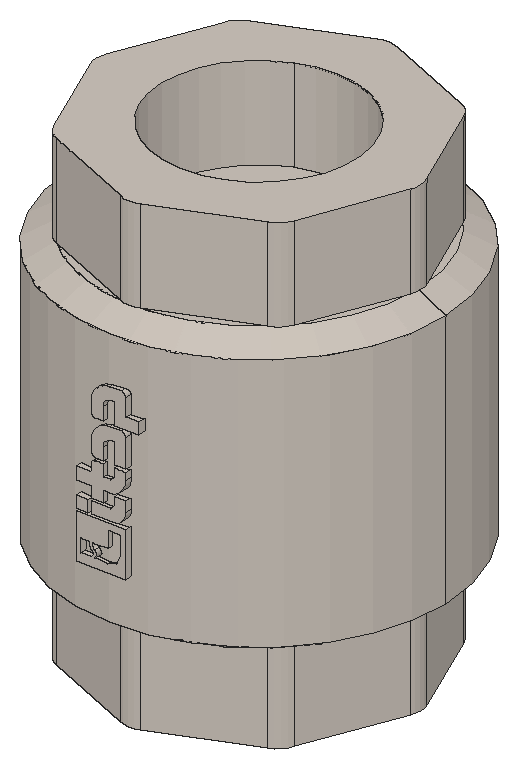
Revit family "103", category Pipe Accessories, Revit 2019
Family settings
  Round Connector Dimension = Use Diameter
  Part Type = Valve - Breaks Into
  OmniClass Number = 23.45.00.00
  OmniClass Title = Sanitary, Laundry, and Cleaning Equipment
  Work Plane-Based = No
  Always vertical = Yes
  Cut with Voids When Loaded = No
  Shared = No
Parameters
  Z2 [instance] = size_lookup(CSV, "Z2", 0 mm, DN)  # 21.5 mm
  Z [instance] = size_lookup(CSV, "Z", 0 mm, DN)  # 20.6 mm
  Washer = "NBR"
  URL = "https://www.itap.it/en/products/valves/check-and-foot-valves/103/"
  Spring = "Stainless Steeel AISI 302"
  Plate = "Polymer"
  Pin = "Polymer"
  Manufacturer = "ITAP S.p.A."  # constant formula
  Model = "103"
  L4 [instance] = size_lookup(CSV, "L4", 0 mm, DN)  # 16.8 mm
  L3 [instance] = size_lookup(CSV, "L3", 0 mm, DN)  # 16.3 mm
  L2 [instance] = size_lookup(CSV, "L2", 0 mm, DN)  # 49 mm
  L [instance] = size_lookup(CSV, "L", 0 mm, DN)  # 12 mm
  End adapter = "Brass CW617N"
  Description = "YORK CHECK VALVE"  # constant formula
  DN [instance] = 25 mm
  D [instance] = size_lookup(CSV, "D", 0 mm, DN)  # 39 mm
  Code [instance] = size_lookup(CSV, "", "-", DN)  # "1030100"
  CSV = "ITAP"
  Body = ""
  BOLT2 [instance] = not(BOLT1)  # yes
  BOLT1 [instance] = if(DN < 21 mm, 1 < 2, 2 < 1)  # no
  B3 [instance] = (B / 2) - 1 mm  # 23 mm
  B1 [instance] = size_lookup(CSV, "B1", 0 mm, DN)  # 2.5 mm
  B [instance] = size_lookup(CSV, "B", 0 mm, DN)  # 48 mm
  A [instance] = size_lookup(CSV, "A", 0 mm, DN)  # 60.5 mm
Reference planes
  plane 1 "Centro (Fronte/Retro)": y = 0
  plane 2: z = 0
  plane 3 "Centro (Sinistra/Destra)": x = 0
  plane 4: z = 18.25
  plane 5: z = 30.25
  plane 6: z = -30.25
  plane 7: x = -24
  plane 8: x = 24
  plane 9: z = -18.25
  plane 10: x = -19.5
  plane 11: x = 19.5
  plane 12: z = -2.736
  plane 13: z = 21.764
  plane 14: z = -27.236
  plane 15: x = 0
  plane 16: x = 2.5
  plane 17: x = 21.5
  plane 18: z = 16.3
  plane 19: z = -16.8
  plane 20: x = 20.6
  plane 21: y = -23
Forms (mm)
  Revolve 1, solid, material "Body material_golden", detail levels fine
    sketch origin (-1.229, 0, 0.773) x (1, 0, 0) y (0, 0, 1)
      loop
        line (1.229, -19.023) -> (22.729, -19.023) -> (25.229, -17.573) -> (25.229, 15.527) -> (21.829, 17.477) -> (1.229, 17.477) -> (1.229, -19.023)
      axis (1.229, 17.477) -> (1.229, -19.023)
    angle from 0 to 360
  Revolve 2, solid, detail levels fine
    sketch origin (0, 0, -0.977) x (1, 0, 0) y (0, 0, 1)
      loop
        line (0, -26.259) -> (1.509, -26.259) -> (2.5, -28.768) -> (2.5, 18.825) -> (1.585, 22.741) -> (0, 22.741) -> (0, -26.259)
      axis (0, 22.741) -> (0, -28.768)
    angle from 0 to 360
Lines and regions (mm)
  model lines, detail levels coarse+medium
    curve 1: line (-24, 0, 18.25) -> (24, 0, 18.25)
    curve 2: line (24, 0, 18.25) -> (-24, 0, -18.25)
    curve 3: line (-24, 0, -18.25) -> (24, 0, -18.25)
    curve 4: line (0, 0, -18.25) -> (0, 0, -30.25)
    curve 5: line (0, 0, 18.25) -> (0, 0, 30.25)
Dimensions and locks
  equal spacing: plane 8, plane 3 "Centro (Sinistra/Destra)", plane 7
  "B": plane 8 to plane 7
  equal spacing: plane 5, level, plane 6
  "A": plane 5 to plane 6
  "L": plane 5 to plane 4
  "D": plane 10 to plane 11
  equal spacing: plane 10, plane 3 "Centro (Sinistra/Destra)", plane 11
  equal spacing: plane 13, plane 12, plane 14
  "L2": plane 13 to plane 14
  "B1": plane 16 to plane 15
  "L3": plane 18 to plane 2
  "L4": plane 2 to plane 19
  "Z2": plane 17 to plane 3 "Centro (Sinistra/Destra)"
  "Z": plane 20 to plane 3 "Centro (Sinistra/Destra)"
  "L": plane 9 to plane 6
  "B3": plane 21 to plane 1 "Centro (Fronte/Retro)"
  aligned and locked: level to plane 2
  aligned and locked: plane 14 to Revolve 2 sketch curve  (x2)
  aligned and locked: Revolve 2 sketch curve to plane 15
  aligned and locked: Revolve 2 sketch curve to plane 13
  aligned and locked: plane 4 to curve 1
  aligned and locked: plane 9 to curve 3
  aligned and locked: plane 16 to Revolve 2 sketch curve
  aligned and locked: Revolve 2 sketch curve to plane 16
  aligned and locked: plane 3 "Centro (Sinistra/Destra)" to nested 1
  aligned and locked: nested 1 to plane 1 "Centro (Fronte/Retro)"
  aligned and locked: plane 3 "Centro (Sinistra/Destra)" to nested 2
  aligned and locked: plane 4 to nested 1
  aligned and locked: plane 9 to nested 2
  aligned and locked: plane 8 to Revolve 1 sketch curve
  aligned and locked: plane 9 to Revolve 1 sketch curve
  aligned and locked: plane 1 "Centro (Fronte/Retro)" to curve 1
  aligned and locked: plane 3 "Centro (Sinistra/Destra)" to nested 4
  aligned and locked: plane 4 to nested 4
  aligned and locked: nested 3 to plane 6
  aligned and locked: plane 17 to Revolve 1 sketch curve
  aligned and locked: plane 18 to Revolve 1 sketch curve
  aligned and locked: plane 19 to Revolve 1 sketch curve
  aligned and locked: Revolve 1 sketch curve to plane 3 "Centro (Sinistra/Destra)"
  aligned and locked: Revolve 1 sketch curve to plane 4
  aligned and locked: plane 20 to Revolve 1 sketch curve
  aligned and locked: plane 21 to nested 5
Automatic sketch dimensions
  curve 3 to plane 7 = 0 mm
  curve 1 to plane 7 = 0 mm
  curve 4 to plane 3 "Centro (Sinistra/Destra)" = 0 mm
  curve 5 to plane 3 "Centro (Sinistra/Destra)" = 0 mm
  curve 1 to plane 8 = 0 mm
  curve 3 to plane 8 = 0 mm
  curve 4 to plane 6 = 0 mm
  curve 5 to plane 5 = 0 mm
  Revolve 1 sketch curve to plane 3 "Centro (Sinistra/Destra)" = 0 mm
  Revolve 1 sketch curve to plane 5 = 3.746 mm
  Revolve 1 sketch curve to plane 5 = 1.768 mm
  Revolve 2 sketch curve to plane 3 "Centro (Sinistra/Destra)" = 0 mm
  plane 16 to Revolve 2 sketch curve = 0.991 mm
  plane 16 to Revolve 2 sketch curve = 0.915 mm
  plane 6 to Revolve 2 sketch curve = 0.506 mm
  plane 4 to Revolve 2 sketch curve = 0.401 mm
  plane 12 to Revolve 2 sketch curve = 1.005 mm
  level to Revolve 2 sketch curve = 2.344 mm
Nested families
  nested 1: "BOLT" at (-123.094, -81.71, 18.25), G <- "DN", d <- "D", H <- "L", visible <- "BOLT1", type "BOLT", detail levels fine
    with d 39 mm, body Body material_golden, H 12 mm, G 25 mm
  nested 2: "BOLT" at (-123.094, -81.71, -30.25), G <- "DN", d <- "D", H <- "L", visible <- "BOLT1", type "BOLT", detail levels fine
    with d 39 mm, body Body material_golden, H 12 mm, G 25 mm
  nested 3: "BOLT 3" at (-10.336, -24.953, -29.224) x (0.9239, -0.3827, 0) z (0, 0, 1), F <- "L", CH <- "D", E <- "DN", visible <- "BOLT2", type "BOLT 3", detail levels fine
    with W 2.652 mm, F 12 mm, E 25 mm, CH 39 mm, Body Body material_golden
  nested 4: "BOLT 3" at (10.336, -24.953, 19.276) x (0.9239, 0.3827, 0) z (0, 0, 1), F <- "L", CH <- "D", E <- "DN", visible <- "BOLT2", type "BOLT 3", detail levels fine
    with W 2.652 mm, F 12 mm, E 25 mm, CH 39 mm, Body Body material_golden
  nested 5: "Symbol" at (0.531, -21.5, 0), type "Symbol", detail levels fine
    with Body Body material_golden
Connectors
  piping at (0, 0, -30.25), diameter 25, driven by "DN"
    settings: on nested 2, index 1, connector inside diameter 609.6 mm, connector length 0 mm, flow factor 0, pipe flow 0.0 L/s, pressure drop 0.0 Pa, fitting loss kfactor 0, connector angle 0.00°, fixture units 0, engagement length 0 mm, angle of deflection 0.00°, flow configuration 0, flow direction 0, fitting loss method 0, system type 28, joint type 0, gender type 0, connector reference index -1, connector utility 0, adjustable connector no, is connector primary yes, connector description ""
  piping at (0, 0, 30.25), diameter 25, driven by "DN"
    settings: on nested 1, index 2, connector inside diameter 609.6 mm, connector length 0 mm, flow factor 0, pipe flow 0.0 L/s, pressure drop 0.0 Pa, fitting loss kfactor 0, connector angle 0.00°, fixture units 0, engagement length 0 mm, angle of deflection 0.00°, flow configuration 0, flow direction 0, fitting loss method 0, system type 28, joint type 0, gender type 0, connector reference index -1, connector utility 0, adjustable connector no, is connector primary no, connector description ""
Definition of nested family "BOLT"
  Parameters (values of type "BOLT")
    body [instance] = none
    H [instance] = 40 mm
    d [instance] = 40 mm
    G [instance] = 25.645 mm
  Reference planes
    plane 1 "Center (Front/Back)": y = 0
    plane 2: z = 0
    plane 3 "Center (Left/Right)": x = 0
    plane 4: z = 40
    plane 5: through (114.434, 96.71, 1200) normal (0.866, 0.5, 0)
    plane 6: through (110.104, 74.21, 1200) normal (-0.5, 0.866, 0)
    plane 7: through (101.443, 84.21, 1200) normal (-0.866, 0.5, 0)
    plane 8: through (123.094, 81.71, 1200) normal (-0.866, 0.5, 0)
    plane 9: through (127.8, 49.861, 1200) normal (-0.866, 0.5, 0)
    plane 10: through (101.443, 79.21, 1200) normal (-0.866, -0.5, 0)
    plane 11: through (121.77, 124.004, 1200) normal (0.866, 0.5, 0)
    plane 12: y = 61.71
    plane 13: y = 81.71
    plane 14: y = 101.71
    plane 15: through (102.717, 113.004, 1200) normal (0.866, 0.5, 0)
    plane 16: through (106.181, 115.004, 1200) normal (0.866, 0.5, 0)
    plane 17: through (108.747, 60.861, 1200) normal (-0.866, 0.5, 0)
    plane 18: through (112.211, 58.861, 1200) normal (-0.866, 0.5, 0)
    plane 19: y = 79.71
    plane 20: y = 83.71
    plane 21: x = 123.094
    plane 22: y = 81.71
  Forms (mm)
    Extrusion 1, solid, material <- "body"
      sketch origin (57.346, -50.6, 0) x (0.866025, 0.5, 0) y (-0.5, 0.866025, 0)
        loop
          line (143.094, 72.472) -> (143.094, 90.948)
          arc (143.094, 90.948) -> (142.558, 92.948) -> (141.094, 94.412) r 4
          line (141.094, 94.412) -> (125.094, 103.649)
          arc (125.094, 103.649) -> (123.094, 104.185) -> (121.094, 103.649) r 4
          line (121.094, 103.649) -> (105.094, 94.412)
          arc (105.094, 94.412) -> (103.63, 92.948) -> (103.094, 90.948) r 4
          line (103.094, 90.948) -> (103.094, 72.472)
          arc (103.094, 72.472) -> (103.63, 70.472) -> (105.094, 69.008) r 4
          line (105.094, 69.008) -> (121.094, 59.771)
          arc (121.094, 59.771) -> (123.094, 59.235) -> (125.094, 59.771) r 4
          line (125.094, 59.771) -> (141.094, 69.008)
          arc (141.094, 69.008) -> (142.558, 70.472) -> (143.094, 72.472) r 4
        loop
          circle (123.094, 81.71) r 12.822
      from 0 to 40
  Dimensions and locks
    "H": plane 4 to level
    equal spacing: plane 10, plane 5, plane 11
    equal spacing: plane 7, plane 8, plane 9
    equal spacing: plane 14, plane 13, plane 12
    "d": plane 10 to plane 11
    "d": plane 7 to plane 9
    "d": plane 14 to plane 12
    equal spacing: plane 15, plane 5, plane 16
    locked: plane 15 to plane 16 at 4
    equal spacing: plane 20, plane 13, plane 19
    locked: plane 20 to plane 19 at 4
    equal spacing: plane 17, plane 8, plane 18
    locked: plane 17 to plane 18 at 4
    "G": diameter of Extrusion 1 sketch curve
    aligned and locked: level to plane 2
    aligned and locked: Extrusion 1 to level
    aligned and locked: Extrusion 1 to plane 4
    aligned and locked: plane 7 to Extrusion 1 sketch curve
    aligned and locked: plane 14 to Extrusion 1 sketch curve
    aligned and locked: plane 11 to Extrusion 1 sketch curve
    aligned and locked: Extrusion 1 sketch curve to plane 9
    aligned and locked: Extrusion 1 sketch curve to plane 12
    aligned and locked: plane 10 to Extrusion 1 sketch curve
  Automatic sketch dimensions
    Extrusion 1 sketch curve to plane 20 = 0 mm  (x2)
    Extrusion 1 sketch curve to plane 18 = 0 mm  (x2)
    Extrusion 1 sketch curve to plane 15 = 0 mm  (x2)
    Extrusion 1 sketch curve to plane 5 = 0 mm
    Extrusion 1 sketch curve to plane 16 = 0 mm  (x2)
    Extrusion 1 sketch curve to plane 19 = 0 mm  (x2)
    Extrusion 1 sketch curve to plane 17 = 0 mm  (x2)
    Extrusion 1 sketch curve to plane 6 = 0 mm
    Extrusion 1 sketch curve to Extrusion 1 sketch curve = 3.464 mm  (x2)
Definition of nested family "BOLT 3"
  Parameters (values of type "BOLT 3")
    W [instance] = CH / 14.7059  # 1.7 mm
    E [instance] = 15 mm
    CH [instance] = 25 mm
    F [instance] = 15 mm
    Body [instance] = none
  Reference planes
    plane 1 "Center (Front/Back)": y = 0
    plane 2: z = 0
    plane 3 "Center (Left/Right)": x = 0
    plane 4: x = -12.5
    plane 5: x = 12.5
    plane 6: y = 14.509
    plane 7: y = 39.509
    plane 8: through (0, 27.009, -1198.263) normal (-0.7071, -0.7071, 0)
    plane 9: through (-23.839, 33.17, -1198.263) normal (-0.7071, -0.7071, 0)
    plane 10: through (-6.161, 50.848, -1198.263) normal (-0.7071, -0.7071, 0)
    plane 11: through (-15, 12.009, -1198.263) normal (0.7071, -0.7071, 0)
    plane 12: through (-23.839, 20.848, -1198.263) normal (0.7071, -0.7071, 0)
    plane 13: through (-6.161, 3.17, -1198.263) normal (0.7071, -0.7071, 0)
    plane 14: y = 27.009
    plane 15: x = 0
    plane 16: through (0, 27.009, 1551.009) normal (-0.9239, -0.3827, 0)
    plane 17: through (13.285, -2.844, 1551.009) normal (-0.9239, -0.3827, 0)
    plane 18: through (11.715, -3.494, 1551.009) normal (-0.9239, -0.3827, 0)
    plane 19: through (0, 27.009, 1551.009) normal (-0.3827, -0.9239, 0)
    plane 20: through (17.278, 20.772, 1551.009) normal (-0.3827, -0.9239, 0)
    plane 21: through (16.627, 19.202, 1551.009) normal (-0.3827, -0.9239, 0)
    plane 22: through (0, 27.009, 1551.009) normal (0.3827, -0.9239, 0)
    plane 23: through (18.58, 35.625, 1551.009) normal (0.3827, -0.9239, 0)
    plane 24: through (19.231, 34.054, 1551.009) normal (0.3827, -0.9239, 0)
    plane 25: through (0, 27.009, 1551.009) normal (0.9239, -0.3827, 0)
    plane 26: through (6.472, 44.855, 1551.009) normal (0.9239, -0.3827, 0)
    plane 27: through (8.043, 44.204, 1551.009) normal (0.9239, -0.3827, 0)
    plane 28: through (0, -1524, 0) normal (-0.7071, 0, 0.7071)
    plane 29: through (-8.839, -1524, 8.839) normal (0.7071, 0, 0.7071)
    plane 30: z = 0
  Forms (mm)
    Extrusion 1, solid, material <- "Body"
      sketch origin (0, 27.009, 1.737) x (0, -1, 0) y (1, 0, 0)
        loop
          line (5.828, -11.849) -> (11.849, -5.828)
          arc (11.849, -5.828) -> (12.331, -5.108) -> (12.5, -4.258) r 2.221
          line (12.5, -4.258) -> (12.5, 4.258)
          arc (12.5, 4.258) -> (12.331, 5.108) -> (11.849, 5.828) r 2.221
          line (11.849, 5.828) -> (5.828, 11.849)
          arc (5.828, 11.849) -> (5.108, 12.331) -> (4.258, 12.5) r 2.221
          line (4.258, 12.5) -> (-4.258, 12.5)
          arc (-4.258, 12.5) -> (-5.108, 12.331) -> (-5.828, 11.849) r 2.221
          line (-5.828, 11.849) -> (-11.849, 5.828)
          arc (-11.849, 5.828) -> (-12.331, 5.108) -> (-12.5, 4.258) r 2.221
          line (-12.5, 4.258) -> (-12.5, -4.258)
          arc (-12.5, -4.258) -> (-12.331, -5.108) -> (-11.849, -5.828) r 2.221
          line (-11.849, -5.828) -> (-5.828, -11.849)
          arc (-5.828, -11.849) -> (-5.108, -12.331) -> (-4.258, -12.5) r 2.221
          line (-4.258, -12.5) -> (4.258, -12.5)
          arc (4.258, -12.5) -> (5.108, -12.331) -> (5.828, -11.849) r 2.221
        loop
          circle (0, 0) r 7.5
      from 9.237 to -5.763
  Dimensions and locks
    equal spacing: plane 9, plane 8, plane 10
    equal spacing: plane 13, plane 11, plane 12
    equal spacing: plane 6, plane 14, plane 7
    equal spacing: plane 5, plane 15, plane 4
    "CH": plane 5 to plane 4
    "CH": plane 9 to plane 10
    "CH": plane 13 to plane 12
    "CH": plane 6 to plane 7
    "F": Extrusion 1 to Extrusion 1
    equal spacing: plane 18, plane 16, plane 17
    "W": plane 18 to plane 17
    equal spacing: plane 23, plane 22, plane 24
    "W": plane 23 to plane 24
    equal spacing: plane 21, plane 19, plane 20
    "W": plane 21 to plane 20
    equal spacing: plane 27, plane 25, plane 26
    "W": plane 27 to plane 26
    "E": diameter of Extrusion 1 sketch curve
    aligned and locked: level to plane 2
    aligned and locked: Extrusion 1 sketch curve to plane 6
    aligned and locked: Extrusion 1 sketch curve to plane 4
    aligned and locked: Extrusion 1 sketch curve to plane 12
    aligned and locked: plane 9 to Extrusion 1 sketch curve
    aligned and locked: plane 13 to Extrusion 1 sketch curve
    aligned and locked: plane 5 to Extrusion 1 sketch curve
    aligned and locked: Extrusion 1 sketch curve to plane 10
    aligned and locked: plane 7 to Extrusion 1 sketch curve
    aligned and locked: plane 14 to Extrusion 1 sketch curve
    aligned and locked: plane 15 to Extrusion 1 sketch curve
    aligned and locked: plane 21 to Extrusion 1 sketch curve  (x2)
    aligned and locked: plane 23 to Extrusion 1 sketch curve  (x2)
    aligned and locked: plane 24 to Extrusion 1 sketch curve  (x2)
    aligned and locked: plane 26 to Extrusion 1 sketch curve  (x2)
    aligned and locked: plane 27 to Extrusion 1 sketch curve  (x2)
    aligned and locked: plane 18 to Extrusion 1 sketch curve  (x2)
    aligned and locked: plane 17 to Extrusion 1 sketch curve  (x2)
    aligned and locked: plane 20 to Extrusion 1 sketch curve
    aligned and locked: plane 2 to plane 30
  Automatic sketch dimensions
    plane 20 to Extrusion 1 sketch curve = 0 mm
Definition of nested family "Symbol"
  Parameters (values of type "Symbol")
    Body [instance] = none
  Reference planes
    plane 1 "Center (Front/Back)": y = 0
    plane 2: z = 0
    plane 3 "Center (Left/Right)": x = 0
    plane 4: y = 0
    plane 5: x = 0
    plane 6: y = -1.5
  Forms (mm)
    Extrusion 1, solid, material <- "Body"
      sketch origin (0, 1.083, 0.436) x (1, 0, 0) y (0, 0, 1)
        loop
          line (-4.322, -5.235) -> (-2.849, -5.235) -> (-2.849, -3.746) -> (-4.322, -3.746) -> (-4.322, -5.235)
        loop
          line (-2.395, -5.235) -> (0.326, -5.235)
          arc (0.326, -5.235) -> (1.511, -4.744) -> (2.002, -3.559) r 1.676
          line (2.002, -3.559) -> (2.002, -2.226) -> (0.551, -2.226) -> (0.551, -3.167)
          arc (0.551, -3.167) -> (0.382, -3.577) -> (-0.028, -3.746) r 0.579
          line (-0.028, -3.746) -> (-2.395, -3.746) -> (-2.395, -5.235)
        loop
          line (-4.322, -1.962) -> (-2.395, -1.962) -> (-2.395, -3.422) -> (-0.875, -3.422) -> (-0.875, -1.962) -> (-0.047, -1.962)
          arc (-0.047, -1.962) -> (1.402, -1.362) -> (2.002, 0.087) r 2.049
          line (2.002, 0.087) -> (2.002, 1.082) -> (0.551, 1.082) -> (0.551, 0.149)
          arc (0.551, 0.149) -> (0.387, -0.248) -> (-0.01, -0.413) r 0.561
          line (-0.01, -0.413) -> (-0.875, -0.413) -> (-0.875, 1.082) -> (-1.832, 1.082)
          arc (-1.832, 1.082) -> (-2.23, 0.917) -> (-2.395, 0.52) r 0.562
          line (-2.395, 0.52) -> (-2.395, -0.413) -> (-4.322, -0.413) -> (-4.322, -1.962)
        loop
          line (-0.875, 1.431) -> (-0.875, 3.05)
          arc (-0.875, 3.05) -> (-0.428, 3.939) -> (0.551, 4.111) r 1.108
          line (0.551, 4.111) -> (0.551, 1.431) -> (2.002, 1.431) -> (2.002, 5.049)
          arc (2.002, 5.049) -> (1.834, 5.453) -> (1.43, 5.621) r 0.571
          line (1.43, 5.621) -> (-0.041, 5.621)
          arc (-0.041, 5.621) -> (-1.705, 4.931) -> (-2.395, 3.267) r 2.354
          line (-2.395, 3.267) -> (-2.395, 1.998)
          arc (-2.395, 1.998) -> (-2.228, 1.597) -> (-1.827, 1.431) r 0.568
          line (-1.827, 1.431) -> (-0.875, 1.431)
        loop
          line (-0.875, 5.972) -> (-0.875, 7.669)
          arc (-0.875, 7.669) -> (-0.428, 8.558) -> (0.551, 8.73) r 1.108
          line (0.551, 8.73) -> (0.551, 5.972) -> (3.646, 5.972) -> (3.646, 7.422) -> (2.002, 7.422) -> (2.002, 9.668)
          arc (2.002, 9.668) -> (1.834, 10.072) -> (1.43, 10.24) r 0.571
          line (1.43, 10.24) -> (-0.041, 10.24)
          arc (-0.041, 10.24) -> (-1.705, 9.55) -> (-2.395, 7.886) r 2.354
          line (-2.395, 7.886) -> (-2.395, 6.539)
          arc (-2.395, 6.539) -> (-2.228, 6.138) -> (-1.827, 5.972) r 0.568
          line (-1.827, 5.972) -> (-0.875, 5.972)
        loop
          line (2.002, -5.559) -> (-4.322, -5.559) -> (-4.322, -11.312) -> (2.002, -11.312) -> (2.002, -5.559)
        loop
          line (-3.799, -10.216) -> (-2.357, -10.216)
          arc (-2.357, -10.216) -> (-2.166, -9.788) -> (-2.357, -9.36) r 0.575
          arc (-2.357, -9.36) -> (-2.649, -8.951) -> (-2.645, -8.448) r 0.812
          line (-2.645, -8.448) -> (-3.799, -8.448) -> (-3.799, -10.216)
        loop
          line (-0.242, -8.448) -> (-2.196, -8.448)
          arc (-2.196, -8.448) -> (-2.234, -8.858) -> (-2.004, -9.199) r 0.612
          arc (-2.004, -9.199) -> (-1.747, -9.708) -> (-2.004, -10.216) r 0.632
          line (-2.004, -10.216) -> (-0.315, -10.216)
          arc (-0.315, -10.216) -> (0.898, -9.714) -> (1.4, -8.501) r 1.715
          line (1.4, -8.501) -> (1.4, -6.376) -> (-0.242, -6.376) -> (-0.242, -8.448)
      from 3.1 to 4.082
  Dimensions and locks
    aligned and locked: level to plane 2
